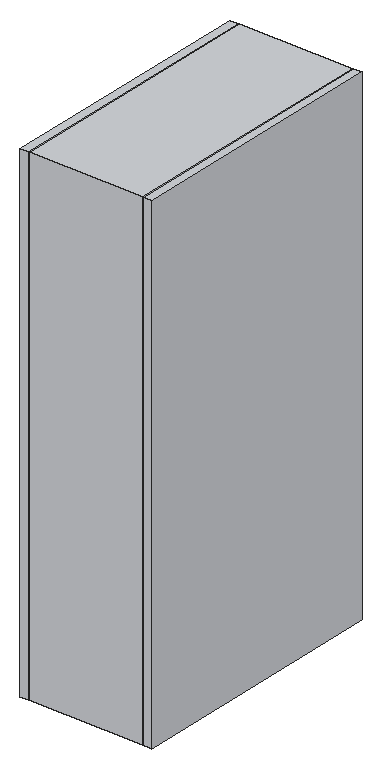
Revit family "WENGER 6-SHELF MUSIC LIBRARY - OVERSIZED (SINGE UNIT)", category Generic Models, Revit 2014
Parameters
  HEIGHT = 6' - 9 1/2"
  ECP WIDTH = 0' - 1 1/2"
  ECP SPACING = 1' - 7"  # constant formula
Reference planes (in)
  plane 1 "Center (Front/Back)": y = 0
  plane 2: z = 0
  plane 3 "Center (Left/Right)": x = 0
  plane 4 "BACK": y = 21.75
  plane 5 "FRONT": y = -21.75
  plane 6 "LEFT ECP INSIDE": x = -9.5
  plane 7 "LEFT ECP OUTSIDE": x = -11
  plane 8 "RIGHT ECP INSIDE": x = 9.5
  plane 9 "RIGHT ECP OUTSIDE": x = 11
  plane 10: z = 81.5
Forms (in)
  Extrusion 1, solid
    sketch origin (0, 0, 0) x (1, 0, 0) y (0, 1, 0)
      loop
        line (-11, 21.75) -> (-11, -21.75) -> (-9.5, -21.75) -> (-9.5, 21.75) -> (-11, 21.75)
      loop
        line (9.5, 21.75) -> (9.5, -21.75) -> (11, -21.75) -> (11, 21.75) -> (9.5, 21.75)
    from 0 to 81.5
Dimensions and locks (in)
  "ECP WIDTH": plane 7 "LEFT ECP OUTSIDE" to plane 6 "LEFT ECP INSIDE"
  "ECP WIDTH": plane 8 "RIGHT ECP INSIDE" to plane 9 "RIGHT ECP OUTSIDE"
  equal spacing: plane 6 "LEFT ECP INSIDE", plane 3 "Center (Left/Right)", plane 8 "RIGHT ECP INSIDE"
  "ECP SPACING": plane 6 "LEFT ECP INSIDE" to plane 8 "RIGHT ECP INSIDE"
  equal spacing: plane 4 "BACK", plane 1 "Center (Front/Back)", plane 5 "FRONT", locked at 21.75 each
  locked: plane 4 "BACK" to plane 5 "FRONT" at 43.5
  "HEIGHT": plane 10 to plane 2
  aligned and locked: plane 2 to level
  aligned and locked: Extrusion 1 sketch curve to plane 4 "BACK"  (x2)
  aligned and locked: plane 7 "LEFT ECP OUTSIDE" to Extrusion 1 sketch curve
  aligned and locked: plane 5 "FRONT" to Extrusion 1 sketch curve  (x2)
  aligned and locked: Extrusion 1 sketch curve to plane 6 "LEFT ECP INSIDE"
  aligned and locked: plane 8 "RIGHT ECP INSIDE" to Extrusion 1 sketch curve
  aligned and locked: Extrusion 1 sketch curve to plane 9 "RIGHT ECP OUTSIDE"
  aligned and locked: Extrusion 1 to plane 2
Nested families (in)
  nested 1: "6-SHELF OVERSIZED, 1-UNIT" at (0, 0, 0), type "6-SHELF OVERSIZED, 1-UNIT"
Definition of nested family "6-SHELF OVERSIZED, 1-UNIT"
  Parameters (values of type "6-SHELF OVERSIZED, 1-UNIT")
    HEIGHT = 6' - 9 1/2"
    Cabinet Label = Labels : 7-SHELF
  Reference planes (in)
    plane 1 "Center (Front/Back)": y = 0
    plane 2 "BOTTOM": z = 0
    plane 3 "Center (Left/Right)": x = 0
    plane 4 "RIGHT": x = 9.5
    plane 5 "LEFT": x = -9.5
    plane 6 "BACK": y = 21.75
    plane 7 "FRONT": y = -21.75
    plane 8 "OPEN POSITION": y = -58.24743
    plane 9 "TOP": z = 81.5
    plane 10: x = -3.5
    plane 11: x = 3.5
    plane 12 "FRONT DETAIL 1": z = 54
    plane 13 "FRONT DETAIL 2": z = 52.5
    plane 14 "FRONT DETAIL 3": z = 46
    plane 15: x = -1.5
    plane 16: x = 1.5
  Forms (in)
    Extrusion 1, solid
      sketch origin (0, 0, 0) x (1, 0, 0) y (0, 1, 0)
        loop
          line (-9.5, 21.75) -> (-9.5, -21.75) -> (9.5, -21.75) -> (9.5, 21.75) -> (-9.5, 21.75)
      from 0 to 81.5
  Lines and regions (in)
    model lines, style "GenericModelHiddenLines"
      curve 1: line (-9.5, -21.75, 0) -> (-9.5, -58.24743, 0)
      curve 2: line (-9.5, -58.24743, 0) -> (9.5, -58.24743, 0)
      curve 3: line (9.5, -58.24743, 0) -> (9.5, -21.75, 0)
    model lines, style "GenericModel"
      curve 4: line (-1.5, -21.75, 54) -> (1.5, -21.75, 54)
      curve 5: line (1.5, -21.75, 54) -> (1.5, -21.75, 52.5)
      curve 6: line (1.5, -21.75, 52.5) -> (-1.5, -21.75, 52.5)
      curve 7: line (-1.5, -21.75, 52.5) -> (-1.5, -21.75, 54)
      curve 8: line (-3.5, -21.75, 46) -> (3.5, -21.75, 46)
  Dimensions and locks (in)
    equal spacing: plane 5 "LEFT", plane 3 "Center (Left/Right)", plane 4 "RIGHT"
    plane 5 "LEFT" to plane 4 "RIGHT" = 1' - 7"
    equal spacing: plane 6 "BACK", plane 1 "Center (Front/Back)", plane 7 "FRONT"
    plane 6 "BACK" to plane 7 "FRONT" to plane 8 "OPEN POSITION" = 3' - 7 1/2" locked, 3' - 0.49743" locked
    "HEIGHT": plane 2 "BOTTOM" to plane 9 "TOP"
    plane 12 "FRONT DETAIL 1" to plane 13 "FRONT DETAIL 2" to plane 14 "FRONT DETAIL 3" to plane 2 "BOTTOM" = 0' - 1 1/2" locked, 0' - 6 1/2" locked, 3' - 10" locked
    plane 11 to plane 16 to plane 15 to plane 10 to plane 5 "LEFT" = 0' - 2" locked, 0' - 3" locked, 0' - 2" locked, 0' - 6" locked
    aligned and locked: plane 2 "BOTTOM" to level
    aligned and locked: Extrusion 1 sketch curve to plane 6 "BACK"
    aligned and locked: plane 5 "LEFT" to Extrusion 1 sketch curve
    aligned and locked: plane 7 "FRONT" to Extrusion 1 sketch curve
    aligned and locked: Extrusion 1 sketch curve to plane 4 "RIGHT"
    aligned and locked: Extrusion 1 to plane 2 "BOTTOM"
    aligned and locked: Extrusion 1 to plane 9 "TOP"
    aligned and locked: curve 1 to plane 5 "LEFT"
    aligned and locked: curve 2 to plane 8 "OPEN POSITION"
    aligned and locked: plane 4 "RIGHT" to curve 3
    aligned and locked: curve 8 to plane 14 "FRONT DETAIL 3"
    aligned and locked: plane 11 to curve 8
    aligned and locked: plane 10 to curve 8
    aligned and locked: plane 15 to curve 7
    aligned and locked: curve 5 to plane 16
    aligned and locked: curve 4 to plane 12 "FRONT DETAIL 1"
    aligned and locked: plane 13 "FRONT DETAIL 2" to curve 6
  Automatic sketch dimensions
    curve 3 to plane 7 "FRONT" = 0' - 0"
    curve 1 to plane 7 "FRONT" = 0' - 0"
  Nested families (in)
    nested 1: "Labels" at (0, 0, 0) x (0, 1, 0) z (0, 0, 1), type <- "Cabinet Label", type "7-SHELF"
  Definition of nested family "Labels"
    Parameters (values of type "6-SHELF")
      Cabinet Label = "6-SHELF"
    Types (2): name | Cabinet Label
      6-SHELF | "6-SHELF"
      7-SHELF | "7-SHELF"
    Reference planes (in)
      plane 1: y = 0
      plane 2: x = 0
    Text (in)
      label "xxxx" at (-0.00018, 0.00754, 0), shows "Cabinet Label"
